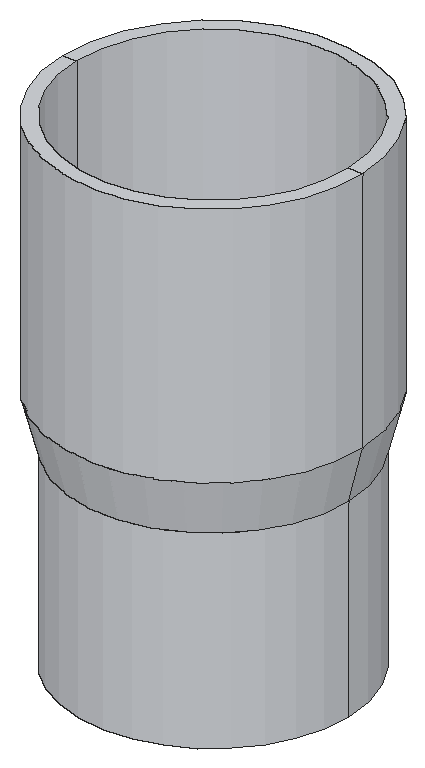
Revit family "FA1G", category Generic Models, Revit 2017
Family settings
  Can host rebar = No
  Round Connector Dimension = Use Diameter
  Part Type = Normal
  Work Plane-Based = Yes
  Always vertical = No
  Cut with Voids When Loaded = No
  Shared = No
  Room Calculation Point = No
Parameters (values of type "NBS Standard Parameters")
  Weight = "0.0286Kg"
  WarrantyStartDate [instance] = "1900-12-31T23:59:59"
  WarrantyGuarantorParts = "n/a"
  WarrantyGuarantorLabor = "n/a"
  WarrantyDurationUnit = "1 year"
  WarrantyDurationParts = "n/a"
  WarrantyDurationLabor = "n/a"
  WarrantyDescription = "n/a"
  Version = "1"
  Uniclass2 = "Pr_65_70_11_20"
  TagNumber [instance] = "n/a"
  SustainabilityPerformance = "n/a"
  Size = "20mm"
  Shape = "Circular"
  SerialNumber [instance] = "n/a"
  Revision = "n/a"
  ReplacementCost = "n/a"
  ProductInformation = "www.metpro.co.uk/pdf/fa1g.pdf"
  NominalWidth = 22 mm
  NominalLength = 22 mm
  NominalHeight = 36 mm
  Name = ""
  NBSTypeID = ""
  NBSReference = "90-55-10/460"
  NBSOfficeMasterTag = ""
  NBSNote = ""
  NBSDescription = "Conduit Fittings"
  NBSCertification = ""
  ModelReference = "FA1G"
  ModelNumber = "n/a"
  Material = "Steel"
  ManufacturerURL = "www.metpro.co.uk"
  ManufacturerName = "Metpro Ltd"
  Keynote = "Compliant to LU Standard 1-085"
  InstallationDate [instance] = "1900-12-31T23:59:59"
  IfcExportType = ""
  IfcExportAs = ""
  Grade = "n/a"
  Finish = "Galvanised"
  Features = "n/a"
  ExpectedLife = "n/a"
  DurationUnit = "year"
  Description = "FA1G  20mm (M) - 3/4 (F) Conduit Adaptor"
  Default Elevation = 1219.2 mm
  Constituents = "n/a"
  Color = "n/a"
  CodePerformance = "n/a"
  Category = "n/a"
  BarCode [instance] = "n/a"
  BIMObjectName = "Metpro_Metprolibrary_Conduitfittings_Metalcomponents_Steelaccessories"
  Author = "Metpro Limited"
  AssetType = ""
  AssetIdentifier [instance] = "n/a"
  AccessibilityPerformance = "n/a"
Reference planes
  plane 1 "Center (Front/Back)": y = 0
  plane 2: z = 0
  plane 3 "Center (Left/Right)": x = 0
Forms (mm)
  Revolve 1, solid
    sketch origin (-11.449, -11.97, 26.2) x (0, 0, -1) y (1, 0, 0)
      loop
        line (-13.226, -4.348) -> (-13.226, -5.381) -> (4.782, -5.381) -> (7.899, -6.216) -> (22.789, -6.216) -> (22.789, -5.381) -> (8.636, -5.381) -> (4.782, -4.348) -> (-13.226, -4.348)
      axis (-13.226, -15.381) -> (22.789, -15.381)
    angle from 0 to 360
Dimensions and locks
  aligned and locked: level to plane 2
